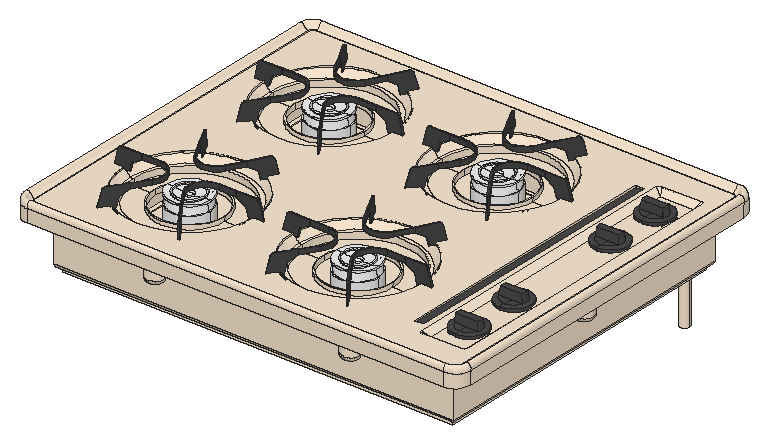
Revit family "QF_Summit_SNL033_Cooktop", category Specialty Equipment, Revit 2020 (continued)
Definition of nested family "Summit_Burner"
  Automatic sketch dimensions
    curve 8 to curve 15 = 0.0009"
    curve 22 to plane 7 "Center Y" = 0.00467"
    curve 9 to curve 10 = 0.003"
    plane 8 "Center X" to curve 6 = 1/32"
    curve 5 to plane 8 "Center X" = 1/32"
    curve 6 to curve 5 = 0.00426"
    curve 7 to plane 3 "LEFT" = 0.24994"
    curve 10 to curve 15 = 0.00493"
    curve 9 to curve 15 = 0.00185"
    curve 9 to curve 8 = 0.00046"
    plane 8 "Center X" to curve 18 = 0.00072"
    curve 18 to curve 19 = 0.00005"
    curve 31 to curve 11 = 0.00029"
    curve 31 to curve 32 = 0.0001"
    plane 8 "Center X" to curve 26 = 0.00012"
    curve 36 to plane 8 "Center X" = 0"
    curve 37 to plane 8 "Center X" = 0"
    curve 28 to plane 8 "Center X" = 0.00005"
    curve 28 to curve 30 = 0"
    curve 28 to curve 29 = 0"
    curve 37 to curve 23 = 0.00008"
    curve 23 to curve 21 = 0.00002"
    curve 21 to curve 20 = 0.00003"
    curve 30 to curve 16 = 0.00015"
    curve 32 to curve 20 = 0.08532"
    curve 21 to curve 32 = 0.00683"
    curve 31 to curve 21 = 0.0725"
    curve 12 to curve 11 = 0.00194"
    curve 34 to curve 12 = 0.06053"
    curve 33 to curve 12 = 0.06852"
    curve 10 to curve 11 = 0.27562"
    curve 30 to curve 23 = 0.05436"
    curve 35 to curve 10 = 0.05987"
    curve 32 to curve 33 = 0.01816"
    curve 34 to curve 32 = 0.06703"
    curve 31 to curve 34 = 0.0111"
    curve 29 to curve 25 = 0.0546"
    curve 26 to curve 25 = 0.14085"
    curve 36 to curve 9 = 0.05612"
    curve 28 to curve 26 = 0.05462"
    curve 8 to curve 36 = 0.11219"
    curve 37 to curve 8 = 0.0556"
    curve 30 to curve 35 = 0.00104"
    curve 29 to curve 36 = 0.00067"
    curve 28 to curve 37 = 0.00063"
    curve 18 to curve 21 = 0.00535"
    curve 21 to curve 19 = 0.07323"
    curve 11 to curve 12 = 0.0019"
    curve 12 to curve 14 = 0.06051"
    curve 12 to curve 13 = 0.06855"
    curve 11 to curve 10 = 0.3055"
    curve 23 to curve 22 = 0.06833"
    curve 10 to curve 15 = 0.04534"
    curve 13 to curve 18 = 0.01507"
    curve 18 to curve 14 = 0.07001"
    curve 19 to plane 8 "Center X" = 0.08242"
    curve 25 to curve 24 = 0.05466"
    curve 9 to curve 16 = 0.0538"
    curve 26 to curve 27 = 7/128"
    curve 9 to curve 8 = 0.16803"
    curve 8 to curve 17 = 0.04772"
    curve 15 to curve 22 = 0.00203"
    curve 16 to curve 24 = 0.0001"
    curve 17 to curve 27 = 0.00107"
    curve 30 to curve 35 = 0.06245"
    curve 29 to curve 36 = 0.06245"
    curve 28 to curve 37 = 0.06245"
    curve 18 to curve 14 = 0.0297"
    curve 32 to curve 34 = 0.03106"
    curve 12 to curve 34 = 0.04337"
    curve 14 to curve 11 = 0.04324"
    curve 15 to curve 10 = 0.02225"
    curve 16 to curve 9 = 0.03201"
    curve 17 to curve 8 = 0.02894"
    Revolve 1 sketch curve to plane 7 "Center Y" = 0"  (x2)
    Revolve 1 sketch curve to Revolve 1 sketch curve = 0.23333"
    Revolve 1 sketch curve to plane 7 "Center Y" = 0.24695"
    Revolve 1 sketch curve to Revolve 1 sketch curve = 0.51345"
    Revolve 1 sketch curve to Revolve 1 sketch curve = 0.02917"
    Revolve 1 sketch curve to Revolve 1 sketch curve = 0.18246"
    Revolve 1 sketch curve to Revolve 1 sketch curve = 0.07859"
    Revolve 1 sketch curve to Revolve 1 sketch curve = 0.0713"
    Revolve 1 sketch curve to plane 6 "TOP" = 0.50892"
    Revolve 1 sketch curve to Revolve 1 sketch curve = 0.14989"
    Revolve 1 sketch curve to Revolve 1 sketch curve = 0.7"
    Revolve 1 sketch curve to Revolve 1 sketch curve = 0.05833"  (x2)
    plane 3 "LEFT" to Revolve 1 sketch curve = 0.74587"
    Revolve 1 sketch curve to Revolve 1 sketch curve = 0.1959"
    plane 3 "LEFT" to Revolve 1 sketch curve = 1/4"
    Revolve 1 sketch curve to plane 6 "TOP" = 0.53304"
    Revolve 1 sketch curve to Revolve 1 sketch curve = 0.02643"
    Revolve 1 sketch curve to plane 6 "TOP" = 0.8456"
    Revolve 1 sketch curve to Revolve 1 sketch curve = 0"  (x2)
    Revolve 1 sketch curve to Revolve 1 sketch curve = 0.20616"
    Revolve 1 sketch curve to Revolve 1 sketch curve = 1.38136"
    Revolve 1 sketch curve to Revolve 1 sketch curve = 0.0449"
    Revolve 1 sketch curve to Revolve 1 sketch curve = 0.35749"
    Revolve 1 sketch curve to Revolve 1 sketch curve = 0.07043"
    Revolve 1 sketch curve to Revolve 1 sketch curve = 0.03555"
    Revolve 1 sketch curve to Revolve 1 sketch curve = 0.07819"
    Revolve 1 sketch curve to Revolve 1 sketch curve = 0.04006"
    Revolve 1 sketch curve to Revolve 1 sketch curve = 0.01412"
    Revolve 1 sketch curve to Revolve 1 sketch curve = 0.0834"
    Extrusion 2 sketch curve to Extrusion 2 sketch curve = 0"  (x6)
    Extrusion 2 sketch curve to plane 7 "Center Y" = 0"
    plane 7 "Center Y" to Extrusion 2 sketch curve = 0.78533"
    plane 7 "Center Y" to Extrusion 2 sketch curve = 0.79697"
    Extrusion 2 sketch curve to Extrusion 2 sketch curve = 0.05518"  (x4)
    Extrusion 2 sketch curve to Extrusion 2 sketch curve = 0.05181"  (x4)
    Extrusion 2 sketch curve to Extrusion 2 sketch curve = 0.44677"  (x2)
    Extrusion 2 sketch curve to Extrusion 2 sketch curve = 0.54664"  (x2)
    Extrusion 2 sketch curve to plane 8 "Center X" = 1/32"
    Extrusion 2 sketch curve to Extrusion 2 sketch curve = 0.73738"  (x2)
    Extrusion 2 sketch curve to Extrusion 2 sketch curve = 0.95164"  (x2)
    Extrusion 2 sketch curve to plane 7 "Center Y" = 0.78533"
    Extrusion 2 sketch curve to plane 7 "Center Y" = 0.79697"
    plane 8 "Center X" to Extrusion 2 sketch curve = 1/32"
    plane 8 "Center X" to Extrusion 2 sketch curve = 1.39462"
    Extrusion 2 sketch curve to Extrusion 2 sketch curve = 0.02934"
    Extrusion 2 sketch curve to Extrusion 2 sketch curve = 0.41757"
    Extrusion 2 sketch curve to Extrusion 2 sketch curve = 1/16"  (x2)
    Extrusion 2 sketch curve to Extrusion 2 sketch curve = 0.88944"  (x2)
    plane 6 "TOP" to Extrusion 3 sketch curve = 1/4"
    plane 3 "LEFT" to Extrusion 3 sketch curve = 1.21219"
    Extrusion 3 sketch curve to plane 6 "TOP" = 0.05877"
    Extrusion 3 sketch curve to Extrusion 3 sketch curve = 0.53481"
    Extrusion 3 sketch curve to Extrusion 3 sketch curve = 0.12323"
    Extrusion 3 sketch curve to Extrusion 3 sketch curve = 1/4"
    Extrusion 3 sketch curve to Extrusion 3 sketch curve = 0.09613"
    plane 3 "LEFT" to Extrusion 3 sketch curve = 0.16348"
    Extrusion 3 sketch curve to plane 3 "LEFT" = 0.05937"
    Extrusion 3 sketch curve to plane 3 "LEFT" = 0.24994"
    Extrusion 3 sketch curve to plane 6 "TOP" = 0.43845"
    Extrusion 3 sketch curve to Extrusion 3 sketch curve = 0.11457"
    plane 6 "TOP" to Extrusion 3 sketch curve = 0.27032"
    Extrusion 3 sketch curve to Extrusion 3 sketch curve = 0.05556"
    plane 6 "TOP" to Extrusion 4 sketch curve = 1/4"
    Extrusion 4 sketch curve to plane 6 "TOP" = 0.05877"
    Extrusion 4 sketch curve to Extrusion 4 sketch curve = 0.53481"
    Extrusion 4 sketch curve to Extrusion 4 sketch curve = 0.12323"
    Extrusion 4 sketch curve to plane 6 "TOP" = 0.55301"
    Extrusion 4 sketch curve to Extrusion 4 sketch curve = 1/4"
    Extrusion 4 sketch curve to plane 6 "TOP" = 0.43845"
    Extrusion 4 sketch curve to Extrusion 4 sketch curve = 0.09613"
    plane 6 "TOP" to Extrusion 4 sketch curve = 0.27032"
    Extrusion 4 sketch curve to Extrusion 4 sketch curve = 0.5139"
    plane 6 "TOP" to Extrusion 4 sketch curve = 0.32589"
    Extrusion 4 sketch curve to Extrusion 4 sketch curve = 0.22285"
    Extrusion 4 sketch curve to Extrusion 4 sketch curve = 0.45796"
    plane 6 "TOP" to Extrusion 5 sketch curve = 1/4"
    plane 4 "RIGHT" to Extrusion 5 sketch curve = 1.21219"
    Extrusion 5 sketch curve to plane 6 "TOP" = 0.05877"
    Extrusion 5 sketch curve to Extrusion 5 sketch curve = 0.53481"
    Extrusion 5 sketch curve to Extrusion 5 sketch curve = 0.12323"
    Extrusion 5 sketch curve to Extrusion 5 sketch curve = 1/4"
    Extrusion 5 sketch curve to Extrusion 5 sketch curve = 0.09613"
    plane 4 "RIGHT" to Extrusion 5 sketch curve = 0.16348"
    Extrusion 5 sketch curve to plane 4 "RIGHT" = 0.05937"
    Extrusion 5 sketch curve to plane 4 "RIGHT" = 0.24994"
    plane 6 "TOP" to Extrusion 5 sketch curve = 0.27032"
    Extrusion 5 sketch curve to Extrusion 5 sketch curve = 0.05556"
    Extrusion 5 sketch curve to plane 6 "TOP" = 0.43845"
    Extrusion 5 sketch curve to Extrusion 5 sketch curve = 0.11457"
    plane 6 "TOP" to Extrusion 6 sketch curve = 1/4"
    Extrusion 6 sketch curve to plane 6 "TOP" = 0.05877"
    Extrusion 6 sketch curve to Extrusion 6 sketch curve = 0.53481"
    Extrusion 6 sketch curve to Extrusion 6 sketch curve = 0.12323"
    Extrusion 6 sketch curve to plane 6 "TOP" = 0.55301"
    Extrusion 6 sketch curve to Extrusion 6 sketch curve = 1/4"
    Extrusion 6 sketch curve to plane 6 "TOP" = 0.43845"
    Extrusion 6 sketch curve to Extrusion 6 sketch curve = 0.09613"
    plane 6 "TOP" to Extrusion 6 sketch curve = 0.27032"
    Extrusion 6 sketch curve to Extrusion 6 sketch curve = 0.5139"
    plane 6 "TOP" to Extrusion 6 sketch curve = 0.32589"
    Extrusion 6 sketch curve to Extrusion 6 sketch curve = 0.22285"
    Extrusion 6 sketch curve to Extrusion 6 sketch curve = 0.45796"
    plane 6 "TOP" to Extrusion 7 sketch curve = 1/4"
    Extrusion 7 sketch curve to plane 6 "TOP" = 0.05877"
    Extrusion 7 sketch curve to Extrusion 7 sketch curve = 0.53481"
    Extrusion 7 sketch curve to Extrusion 7 sketch curve = 0.12323"
    Extrusion 7 sketch curve to plane 6 "TOP" = 0.55301"
    Extrusion 7 sketch curve to Extrusion 7 sketch curve = 1/4"
    Extrusion 7 sketch curve to plane 6 "TOP" = 0.43845"
    Extrusion 7 sketch curve to Extrusion 7 sketch curve = 0.09613"
    plane 6 "TOP" to Extrusion 7 sketch curve = 0.27032"
    Extrusion 7 sketch curve to Extrusion 7 sketch curve = 0.5139"
    plane 6 "TOP" to Extrusion 7 sketch curve = 0.32589"
    Extrusion 7 sketch curve to Extrusion 7 sketch curve = 0.22285"
    Extrusion 7 sketch curve to Extrusion 7 sketch curve = 0.45796"
    plane 6 "TOP" to Extrusion 8 sketch curve = 1/4"
    Extrusion 8 sketch curve to plane 6 "TOP" = 0.05877"
    Extrusion 8 sketch curve to Extrusion 8 sketch curve = 0.53481"
    Extrusion 8 sketch curve to Extrusion 8 sketch curve = 0.12323"
    Extrusion 8 sketch curve to plane 6 "TOP" = 0.55301"
    Extrusion 8 sketch curve to Extrusion 8 sketch curve = 1/4"
    Extrusion 8 sketch curve to plane 6 "TOP" = 0.43845"
    Extrusion 8 sketch curve to Extrusion 8 sketch curve = 0.09613"
    plane 6 "TOP" to Extrusion 8 sketch curve = 0.27032"
    Extrusion 8 sketch curve to Extrusion 8 sketch curve = 0.5139"
    plane 6 "TOP" to Extrusion 8 sketch curve = 0.32589"
    Extrusion 8 sketch curve to Extrusion 8 sketch curve = 0.22285"
    Extrusion 8 sketch curve to Extrusion 8 sketch curve = 0.45796"
    curve 38 to curve 10 = 0.09124"
    curve 39 to curve 38 = 0.05181"
    curve 40 to curve 41 = 0.03495"
    curve 42 to plane 5 "FRONT" = 0.2744"
    curve 10 to curve 43 = 0.11316"
    curve 43 to curve 44 = 0"
    curve 44 to curve 43 = 0.05181"
    curve 45 to curve 9 = 0.5693"
    curve 45 to curve 46 = 0.03495"
    plane 8 "Center X" to curve 49 = 1/32"
    curve 49 to plane 4 "RIGHT" = 0.24994"
    curve 50 to plane 5 "FRONT" = 0.2744"
    curve 45 to curve 50 = 0.05181"
    curve 49 to plane 8 "Center X" = 1/32"
    curve 25 to curve 26 = 0.14084"
    curve 26 to curve 27 = 0.03027"
    curve 23 to curve 30 = 0.03089"
    curve 21 to curve 31 = 0.03066"
    curve 20 to curve 18 = 0.08679"
    curve 21 to curve 32 = 0.07353"
    curve 20 to curve 32 = 0.03085"
    curve 30 to curve 51 = 0.12572"
    curve 51 to curve 23 = 0.07139"
    curve 51 to curve 52 = 0.05518"
    curve 52 to curve 51 = 0.05518"
    curve 56 to curve 55 = 0.05518"
    plane 1 "BACK" to curve 57 = 0.1948"
    plane 1 "BACK" to curve 54 = 0.1948"
    radius of curve 2 = 0.80512"
    radius of curve 3 = 0.74678"
    radius of curve 4 = 0.23333"
